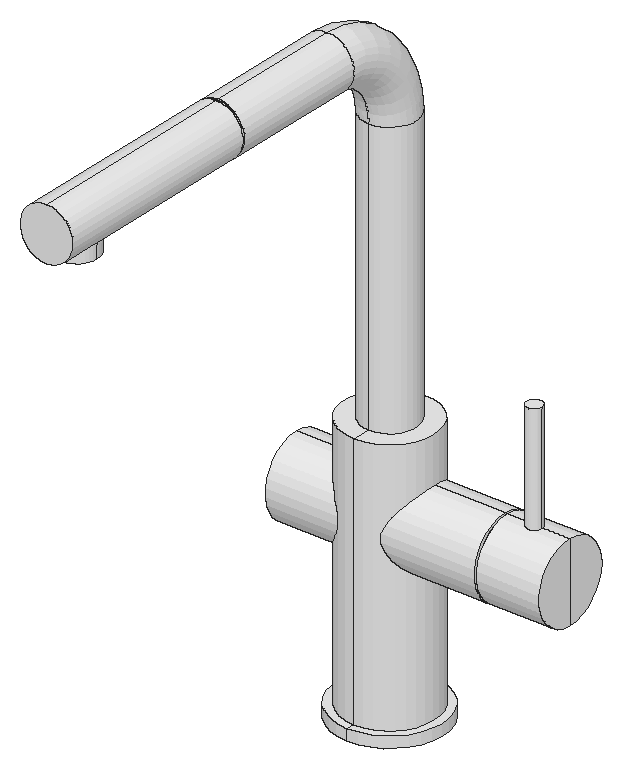
Revit family "Faucet-Kitchen-Grohe-Grohe_Blue_Professional-31608_Series", category Plumbing Fixtures, Revit 2019
Family settings
  Round Connector Dimension = Use Diameter
  Part Type = Normal
  OmniClass Number = 23.45.55.14
  OmniClass Title = Single Faucets
  Work Plane-Based = Yes
  Always vertical = No
  Cut with Voids When Loaded = No
  Shared = Yes
  Room Calculation Point = No
Parameters (values of type "31608002")
  Width = 6 5/32"  # constant formula
  Waste Connection = no
  Warranty Documentation Link = "https://cdn.cloud.grohe.com/tpi/1000/1900/1940/1949/1949006/original/1949006.pdf"
  WFU = 0
  Vent Connection = no
  Update Date = "03/07/2022"  # constant formula
  URL = "https://www.grohe.us/en_us/"
  Tempered Water Connection Diameter = 3/8"
  Tempered Water Connection = yes
  Shipping Weight = 62.49 lbf
  Product Page URL = "https://www.grohe.ca/Single-Hole-Pull-Out-Faucets/GROHE-Blue-Single-Handle-Pull-Out-Kitchen-Faucet-Single-Spray-66-L-min-175-gpm-with-Chilled-and-Sparkling-Water/GROHE-CHROME-31608002"
  Product Documentation Link = "https://americanstandard.box.com/shared/static/itdidtgqrtfav70d65ay7luwrrgu8g7n.pdf"
  Price = "Prices may vary. Please consult Manufacturer Representative for most up-to-date price list."  # constant formula
  Model = "31608002"
  Material = "Brass-Grohe-002- StarLight Chrome"
  Manufacturer = "Grohe"
  Length = 8 3/4"  # constant formula
  Installation Type = "Deck-Mounted"
  IAPMO Compliance = "NSF 61, US Federal and State material regulations,ICC/ANSI A117.1,Energy Policy Act of 1992,ASME A112.18.1/CSA B125.1"
  Height = 14 1/2"  # constant formula
  HWFU = 1.5
  HW Connection = no
  Flow Rate = "1.75 gpm (6.6 L/min)"
  Finish = Brass-Grohe-002- StarLight Chrome
  Description = "Grohe Blue Professional Kitchen Faucet Starter Kit"
  Default Elevation = 0"
  Creation Date = "09/04/2019"  # constant formula
  CalGreen Compliant = yes
  CWFU = 1.5
  CW Connection = no
  Assembly Code = "D2020300"
  ADA Compliant = yes
Types (3): name | Product Page URL | Model | Material | Finish
  (no name) | "https://www.grohe.ca/Single-Hole-Pull-Out-Faucets/GROHE-Blue-Single-Handle-Pull-Out-Kitchen-Faucet-Single-Spray-66-L-min-175-gpm-with-Chilled-and-Sparkling-Water/GROHE-CHROME-31608002" | "31608002" | "Brass-Grohe-002- StarLight Chrome" | Brass-Grohe-002- StarLight Chrome
  31608002 | "https://www.grohe.ca/Single-Hole-Pull-Out-Faucets/GROHE-Blue-Single-Handle-Pull-Out-Kitchen-Faucet-Single-Spray-66-L-min-175-gpm-with-Chilled-and-Sparkling-Water/GROHE-CHROME-31608002" | "31608002" | "Brass-Grohe-002- StarLight Chrome" | Brass-Grohe-002- StarLight Chrome
  31608DC2 | "https://www.grohe.ca/Single-Hole-Pull-Out-Faucets/GROHE-Blue-Single-Handle-Pull-Out-Kitchen-Faucet-Single-Spray-66-L-min-175-gpm-with-Chilled-and-Sparkling-Water/GROHE-SUPERSTEEL-31608DC2" | "31608DC2" | "Brass-Grohe-DC2- SuperSteel" | Brass-Grohe-DC2- SuperSteel
Reference planes (in)
  plane 1 "Center (Front/Back)": y = 0
  plane 2: z = 0
  plane 3 "Center (Left/Right)": x = 0
  plane 4: x = -2.9375
  plane 5: x = 2.9375
  plane 6: x = -0.49058
  plane 7: x = 0.49058
  plane 8: z = 14.5
  plane 9: y = -8.75
  plane 10: y = 1.1875
  plane 11: y = -1.1875
  plane 12: z = 13.9206
Forms (in)
  Revolve 1, solid, material "Brass-Grohe-002- StarLight Chrome" <- "Finish"
    sketch origin (0, 0, 0) x (0, 1, 0) y (0, 0, 1)
      loop
        line (0, 0) -> (1.1875, 0) -> (1.1875, 0.25) -> (1, 0.25) -> (1, 6) -> (0, 6) -> (0, 0)
      axis (0, 6) -> (0, 0)
    angle from 0 to 360
  Sweep 2, solid, material "Brass-Grohe-002- StarLight Chrome" <- "Finish"
    path origin (0, 0, 0) x (0, 1, 0) y (0, 0, 1)
      loop
        line (0, 6) -> (0, 12.1706)
        arc (0, 12.1706) -> (-0.51256, 13.40804) -> (-1.75, 13.9206) r 1.75
        line (-1.75, 13.9206) -> (-9.63382, 13.9206)
    profile origin (0, 0, 9.0853) x (0, -1, 0) y (1, 0, 0)
      loop
        circle (0, 0) r 0.59375
  Revolve 3, solid, material "Brass-Grohe-002- StarLight Chrome" <- "Finish"
    sketch origin (0, 0, 0) x (-1, 0, 0) y (0, 0, 1)
      loop
        line (2.09375, 4.98567) -> (-2.60396, 4.98567) -> (-2.60396, 4.93897) -> (-2.65496, 4.93897) -> (-2.65496, 4.98567) -> (-4.06044, 4.98567) -> (-4.06044, 4.11067) -> (2.09375, 4.11067) -> (2.09375, 4.98567)
      axis (-4.06044, 4.11067) -> (2.09375, 4.11067)
    angle from 0 to 360
  Extrusion 4, solid, material "Brass-Grohe-002- StarLight Chrome" <- "Finish"
    sketch origin (0, 0, 0) x (1, 0, 0) y (0, 1, 0)
      loop
        circle (3.25495, 0) r 0.17238
    from 4.18535 to 7.40162
  Extrusion 5, solid, material "Brass-Grohe-002- StarLight Chrome" <- "Finish"
    sketch origin (0, 0, 0) x (1, 0, 0) y (0, 1, 0)
      loop
        circle (0, -8.75) r 0.43135
    from 13.17527 to 13.77554
  Extrusion 6, void
    sketch origin (0, 0, 0) x (1, 0, 0) y (0, 0, 1)
      loop
        circle (0, 13.9206) r 0.58021
      loop
        circle (0, 13.9206) r 0.63379
    from 4.80942 to 4.87192
Cuts and joins
  Extrusion 6 cuts Sweep 2
  Extrusion 6 cuts Extrusion 5
  joined: Sweep 2, Extrusion 5
Lines and regions (in)
  Masking region 1
    outline origin (0, 0, 0) x (1, 0, 0) y (0, 1, 0)
      loop
        arc (-0.80283, -0.875) -> (-0.70249, -0.95743) -> (-0.59375, -1.02841) r 1.1875
        line (-0.59375, -1.02841) -> (-0.59375, -9.63382) -> (0.59375, -9.63382) -> (0.59375, -1.02841)
        arc (0.59375, -1.02841) -> (0.70249, -0.95743) -> (0.80283, -0.875) r 1.1875
        line (0.80283, -0.875) -> (2.60396, -0.875) -> (2.60396, -0.82831) -> (2.65496, -0.82831) -> (2.65496, -0.875) -> (4.06044, -0.875) -> (4.06044, 0.875) -> (2.65496, 0.875) -> (2.65496, 0.82831) -> (2.60396, 0.82831) -> (2.60396, 0.875) -> (0.80283, 0.875)
        arc (0.80283, 0.875) -> (0, 1.1875) -> (-0.80283, 0.875) r 1.1875
        line (-0.80283, 0.875) -> (-2.09375, 0.875) -> (-2.09375, -0.875) -> (-0.80283, -0.875)
  symbolic lines, detail levels fine
    curve 1: line (-0.59375, 0.00836, 0) -> (-0.59375, -0.80465, 0)
    curve 2: line (0.59375, 0.00836, 0) -> (0.59375, -0.80465, 0)
    curve 4: arc (0.59375, 0.00836, 0) -> (0, 0.60211, 0) -> (-0.59375, 0.00836, 0) r 0.59375
    curve 11: circle (3.25495, 0, 0) r 0.17238 normal (0, 0, 1)
    curve 12: line (2.60396, 0.82831, 0) -> (2.60396, -0.82831, 0)
    curve 13: line (2.65496, -0.82831, 0) -> (2.65496, 0.82831, 0)
    curve 14: line (-0.59375, -4.80942, 0) -> (0.59375, -4.80942, 0)
    curve 15: line (0.59375, -4.87192, 0) -> (-0.59375, -4.87192, 0)
    curve 16: line (-0.58068, -4.80942, 0) -> (-0.58068, -4.87192, 0)
    curve 17: line (0.58068, -4.80942, 0) -> (0.58068, -4.87192, 0)
  symbolic lines, detail levels medium+fine
    curve 3: arc (0.59375, -0.80465, 0) -> (0, 1, 0) -> (-0.59375, -0.80465, 0) r 1
    curve 5: line (-0.80283, 0.875, 0) -> (-0.48412, 0.875, 0)
    curve 6: line (0.80283, 0.875, 0) -> (0.48412, 0.875, 0)
    curve 7: line (-0.80283, -0.875, 0) -> (-0.59375, -0.875, 0)
    curve 8: line (0.80283, -0.875, 0) -> (0.59375, -0.875, 0)
    curve 9: line (0.59375, -0.80465, 0) -> (0.59375, -1.02841, 0)
    curve 10: line (-0.59375, -0.80465, 0) -> (-0.59375, -1.02841, 0)
Dimensions and locks (in)
  equal spacing: plane 5, plane 3 "Center (Left/Right)", plane 4
  plane 5 to plane 4 = 5 7/8"
  equal spacing: plane 10, plane 1 "Center (Front/Back)", plane 11
  plane 10 to plane 11 = 2 3/8"
  plane 8 to level = 14 1/2"  (x2)
  plane 1 "Center (Front/Back)" to plane 9 = 8 3/4"
  Revolve 3 to Revolve 3 = 6.15419"
Automatic sketch dimensions
  Revolve 1 sketch curve to level = 0"
  Revolve 1 sketch curve to plane 1 "Center (Front/Back)" = 0"  (x2)
  Revolve 1 sketch curve to plane 10 = 0"
  Revolve 1 sketch curve to Revolve 1 sketch curve = 3/16"
  level to Revolve 1 sketch curve = 1/4"
  Revolve 1 sketch curve to Revolve 1 sketch curve = 5 3/4"
  Revolve 1 sketch curve to Revolve 1 sketch curve = 0.97876"
  Revolve 1 sketch curve to Revolve 1 sketch curve = 0.33588"
  Sweep 2 sketch curve to plane 1 "Center (Front/Back)" = 0"
  plane 11 to Sweep 2 sketch curve = 9/16"
  Sweep 2 sketch curve to plane 8 = 2.3294"
  plane 9 to Sweep 2 sketch curve = 0.88382"
  level to Sweep 2 sketch curve = 6"
  Sweep 2 sketch curve to plane 3 "Center (Left/Right)" = 0"
  Sweep 2 sketch curve to profile plane = 0"
  Revolve 3 sketch curve to plane 5 = 1.12294"
  plane 5 to Revolve 3 sketch curve = 0.28254"
  Revolve 3 sketch curve to Revolve 3 sketch curve = 0.051"
  plane 4 to Revolve 3 sketch curve = 27/32"
  level to Revolve 3 sketch curve = 4.11067"
  Revolve 3 sketch curve to Revolve 3 sketch curve = 0.82831"  (x2)
  Revolve 3 sketch curve to Revolve 3 sketch curve = 0.04669"
  Revolve 3 sketch curve to Revolve 3 sketch curve = 7/8"
  plane 5 to Revolve 3 sketch curve = 0.62021"
  Revolve 3 sketch curve to Revolve 3 sketch curve = 3/4"
  plane 1 "Center (Front/Back)" to Extrusion 4 sketch curve = 0"
  Extrusion 4 sketch curve to plane 5 = 0.31745"
  Extrusion 5 sketch curve to plane 3 "Center (Left/Right)" = 0"
  plane 9 to Extrusion 5 sketch curve = 0"
  Extrusion 6 sketch curve to Extrusion 6 sketch curve = 0"  (x2)
  Extrusion 6 sketch curve to plane 3 "Center (Left/Right)" = 0"
  Extrusion 6 sketch curve to plane 12 = 0"
  Masking region 1 sketch curve to Masking region 1 sketch curve = 0"  (x4)
  plane 1 "Center (Front/Back)" to Masking region 1 sketch curve = 0"
  Masking region 1 sketch curve to plane 3 "Center (Left/Right)" = 0"
  Masking region 1 sketch curve to plane 6 = 0.10317"
  Masking region 1 sketch curve to plane 11 = 5/16"
  plane 4 to Masking region 1 sketch curve = 27/32"
  Masking region 1 sketch curve to plane 7 = 0.10317"
  plane 5 to Masking region 1 sketch curve = 0.33354"  (x2)
  Masking region 1 sketch curve to Masking region 1 sketch curve = 0.051"  (x2)
  Masking region 1 sketch curve to plane 10 = 5/16"  (x2)
  Masking region 1 sketch curve to plane 5 = 1.12294"
  plane 9 to Masking region 1 sketch curve = 0.88382"
  Masking region 1 sketch curve to Masking region 1 sketch curve = 0.04669"  (x4)
  Masking region 1 sketch curve to plane 11 = 0.15909"  (x2)
  Masking region 1 sketch curve to Masking region 1 sketch curve = 0.20908"
  Masking region 1 sketch curve to plane 6 = 0.31225"
  plane 1 "Center (Front/Back)" to curve 3 = 0"
  curve 3 to plane 3 "Center (Left/Right)" = 0"
  curve 4 to plane 3 "Center (Left/Right)" = 0"
  plane 1 "Center (Front/Back)" to curve 11 = 0"
  curve 10 to plane 6 = 0.10317"
  curve 11 to plane 5 = 0.31745"
  curve 10 to plane 11 = 0.38285"
  curve 2 to plane 1 "Center (Front/Back)" = 0.00836"
  plane 6 to curve 5 = 0.00646"
  curve 16 to plane 6 = 0.0901"
  curve 15 to curve 16 = 0.01307"
  curve 14 to curve 16 = 0.01307"
  curve 5 to plane 6 = 0.31225"
  curve 7 to curve 7 = 0.20908"
  plane 7 to curve 6 = 0.00646"
  curve 17 to plane 7 = 0.0901"
  curve 17 to curve 15 = 0.01307"
  curve 17 to curve 14 = 0.01307"
  curve 6 to plane 7 = 0.31225"
  curve 8 to curve 8 = 0.20908"
  plane 5 to curve 12 = 0.33354"
  curve 12 to curve 13 = 0.051"
  curve 12 to plane 11 = 0.35919"
  curve 12 to curve 13 = 0"  (x2)
  curve 7 to curve 3 = 0.07035"
  curve 8 to curve 2 = 0.07035"
  curve 10 to curve 7 = 0.15341"
  curve 9 to curve 8 = 0.15341"
  plane 11 to curve 16 = 3.62192"
  curve 15 to curve 14 = 1/16"
  curve 12 to plane 10 = 0.35919"
  radius of Sweep 2 sketch curve = 19/32"
  radius of Extrusion 4 sketch curve = 0.17238"
  radius of Extrusion 5 sketch curve = 0.43135"
  radius of Extrusion 6 sketch curve = 0.58021"
  radius of Extrusion 6 sketch curve = 0.63379"
  radius of curve 11 = 0.17238"
Connectors (in)
  piping at (0, 0, 0), diameter 0.375, driven by "CWFU", driven by "Tempered Water Connection Diameter"
    settings: on Revolve 1, index 1, connector inside diameter 24", connector length 0", flow factor 0, pipe flow 0 GPM, pressure drop 0.00 psi, fitting loss kfactor 0, connector angle 0.00°, fixture units 1.5, engagement length 0", angle of deflection 0.00°, flow configuration 0, flow direction 1, fitting loss method 0, system type 29, joint type 0, gender type 0, connector reference index -1, connector utility 0, adjustable connector no, is connector primary yes, connector description "3/8\" Temppered Supply Inlet"
